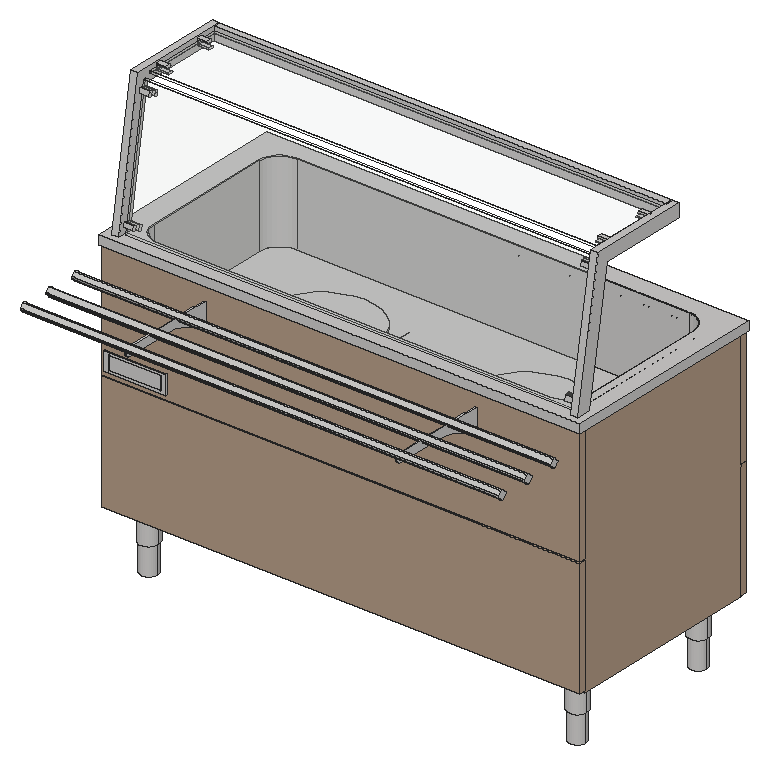
Revit family "QF_ELECTROLUXPROFESSIONAL_322083_F03H4AF01W", category Specialty Equipment, Revit 2018 (continued)
Dimensions and locks
  aligned and locked: Extrusion 14 sketch curve to plane 32
  aligned and locked: plane 33 to Extrusion 14 sketch curve
  aligned and locked: Extrusion 14 to Extrusion 11
  aligned and locked: Extrusion 15 to plane 34
  aligned and locked: plane 35 to Extrusion 15
  aligned and locked: Extrusion 13 sketch curve to plane 35
  aligned and locked: plane 34 to Extrusion 13 sketch curve
  aligned and locked: plane 17 to nested 3
Automatic sketch dimensions
  curve 95 to plane 7 "LEFT" = 0 mm
  curve 13 to plane 30 = 0 mm
  curve 27 to plane 33 = 0 mm
  curve 39 to plane 34 = 0 mm
  curve 18 to plane 34 = 0 mm
  curve 70 to plane 34 = 0 mm
  curve 6 to plane 34 = 0 mm
  curve 92 to plane 34 = 0 mm
  plane 1 "Centro (Fronte/Retro)" to curve 106 = 0 mm
  curve 387 to plane 8 = 0 mm
  plane 1 "Centro (Fronte/Retro)" to curve 108 = 0 mm
  curve 19 to plane 35 = 0 mm
  curve 80 to plane 35 = 0 mm
  curve 5 to plane 35 = 0 mm
  curve 49 to plane 35 = 0 mm
  curve 92 to plane 35 = 0 mm
  curve 59 to plane 32 = 0 mm
  curve 16 to plane 31 = 0 mm
  curve 95 to plane 6 "RIGHT" = 0 mm
  curve 2 to plane 4 "FRONT" = 0 mm
  plane 36 to curve 18 = 0 mm
  curve 2 to plane 3 "BACK" = 0 mm
  curve 69 to plane 34 = 1 mm
  curve 37 to curve 48 = 1 mm
  curve 41 to plane 34 = 0 mm
  curve 98 to plane 16 = 8 mm
  curve 76 to plane 16 = 5.5 mm
  curve 33 to plane 16 = 5.5 mm
  curve 73 to curve 74 = 1.989 mm
  curve 47 to plane 16 = 3.5 mm
  curve 31 to plane 16 = 3.5 mm
  curve 29 to plane 16 = 3.5 mm
  plane 16 to curve 44 = 2.062 mm
  curve 100 to plane 40 = 19 mm
  curve 97 to plane 40 = 19 mm
  plane 29 to curve 105 = 101 mm
  curve 107 to plane 28 = 101 mm
  plane 41 to curve 100 = 26 mm
  plane 41 to curve 104 = 26 mm
  curve 61 to plane 17 = 2.062 mm
  plane 17 to curve 24 = 3.5 mm
  plane 17 to curve 22 = 3.5 mm
  plane 17 to curve 65 = 3.5 mm
  plane 17 to curve 83 = 3.511 mm
  curve 54 to curve 51 = 2 mm
  curve 85 to curve 89 = 1.989 mm
  plane 17 to curve 102 = 8 mm
  plane 35 to curve 59 = 0 mm
  plane 35 to curve 57 = 1 mm
  curve 80 to curve 80 = 1 mm
  plane 10 to curve 96 = 14.757 mm
  curve 13 to plane 24 = 2.344 mm
  curve 10 to plane 24 = 2.344 mm
  plane 24 to curve 87 = 13.819 mm
  plane 24 to curve 75 = 13.819 mm
  curve 75 to curve 76 = 2.431 mm
  curve 86 to curve 84 = 2.431 mm
  curve 73 to curve 74 = 2.493 mm
  curve 84 to curve 85 = 2.493 mm
  curve 78 to curve 71 = 4.924 mm
  curve 85 to curve 85 = 2.431 mm
  curve 71 to curve 71 = 9.848 mm
  curve 82 to curve 82 = 9.848 mm
  curve 104 to plane 15 = 32 mm
  plane 15 to curve 54 = 6.122 mm
  plane 15 to curve 36 = 6.122 mm
  curve 51 to curve 52 = 2.431 mm
  curve 33 to curve 46 = 2.431 mm
  curve 52 to curve 54 = 2.493 mm
  curve 34 to curve 36 = 2.493 mm
  curve 54 to curve 64 = 2.431 mm
  curve 36 to curve 46 = 2.431 mm
  curve 66 to curve 49 = 2.954 mm
  curve 93 to curve 39 = 6.894 mm
  curve 49 to curve 57 = 6.894 mm
  curve 57 to curve 50 = 1.229 mm
  curve 62 to curve 63 = 2.617 mm
  curve 44 to curve 44 = 2.617 mm
  curve 42 to curve 42 = 1.078 mm
  curve 60 to curve 60 = 1.078 mm
  curve 59 to curve 92 = 8.954 mm
  curve 91 to curve 28 = 32.796 mm
  curve 20 to curve 26 = 32.796 mm
  curve 25 to curve 25 = 14 mm
  curve 28 to curve 27 = 14 mm
  plane 1 "Centro (Fronte/Retro)" to curve 31 = 3 mm
  plane 1 "Centro (Fronte/Retro)" to curve 23 = 3 mm
  curve 21 to plane 1 "Centro (Fronte/Retro)" = 11 mm
  curve 31 to plane 1 "Centro (Fronte/Retro)" = 11 mm
  plane 36 to curve 8 = 26.023 mm
  curve 102 to plane 14 = 29 mm
  curve 75 to curve 90 = 0.034 mm
  plane 16 to curve 45 = 0.999 mm
  curve 106 to plane 29 = 54 mm
  plane 29 to curve 386 = 82 mm
  plane 8 to curve 108 = 146 mm
  curve 388 to plane 28 = 82 mm
  curve 63 to plane 17 = 0.999 mm
  curve 81 to curve 80 = 2.431 mm
  curve 70 to curve 69 = 2.431 mm
  curve 80 to curve 79 = 4.924 mm
  curve 69 to curve 68 = 4.924 mm
  plane 15 to curve 16 = 3.892 mm
  curve 15 to curve 33 = 2.23 mm
  curve 58 to curve 56 = 2.431 mm
  curve 40 to curve 39 = 2.431 mm
  plane 36 to curve 11 = 6.023 mm
  Extrusion 1 to Extrusion 3 sketch curve = 0 mm
  Extrusion 3 sketch curve to Extrusion 1 = 0 mm
  Extrusion 3 sketch curve to Extrusion 3 sketch curve = 18 mm
  Extrusion 3 sketch curve to Extrusion 3 sketch curve = 343 mm
  Extrusion 5 sketch curve to plane 19 = 0 mm
  plane 4 "FRONT" to Extrusion 5 sketch curve = 0.321 mm
  Extrusion 5 sketch curve to plane 4 "FRONT" = 30.84 mm
  Extrusion 5 sketch curve to Extrusion 5 sketch curve = 6.66 mm
  Extrusion 5 sketch curve to Extrusion 5 sketch curve = 6.678 mm
  Extrusion 5 sketch curve to Extrusion 5 sketch curve = 2.785 mm
  Extrusion 5 sketch curve to Extrusion 5 sketch curve = 40.197 mm
  Extrusion 5 sketch curve to Extrusion 5 sketch curve = 10.145 mm
  Extrusion 5 sketch curve to Extrusion 5 sketch curve = 3.998 mm
  Extrusion 5 sketch curve to plane 22 = 39.68 mm  (x3)
  Extrusion 5 sketch curve to Extrusion 5 sketch curve = 14.142 mm  (x3)
  Extrusion 5 sketch curve to Extrusion 5 sketch curve = 28.206 mm
  Extrusion 5 sketch curve to Extrusion 5 sketch curve = 38.51 mm
  Extrusion 5 sketch curve to Extrusion 5 sketch curve = 14.143 mm
  plane 10 to Extrusion 5 sketch curve = 27.042 mm
  plane 10 to Extrusion 5 sketch curve = 15.107 mm
  Extrusion 5 sketch curve to Extrusion 5 sketch curve = 2.207 mm
  Extrusion 5 sketch curve to Extrusion 5 sketch curve = 3.528 mm  (x2)
  Extrusion 5 sketch curve to Extrusion 5 sketch curve = 2.829 mm
  plane 10 to Extrusion 5 sketch curve = 5.072 mm
  Extrusion 5 sketch curve to Extrusion 5 sketch curve = 1.62 mm
  Extrusion 5 sketch curve to Extrusion 5 sketch curve = 6.314 mm
  Extrusion 5 sketch curve to Extrusion 5 sketch curve = 6.653 mm
  Extrusion 5 sketch curve to Extrusion 5 sketch curve = 1.175 mm
  Extrusion 5 sketch curve to Extrusion 5 sketch curve = 3.858 mm
  Extrusion 5 sketch curve to Extrusion 5 sketch curve = 3.543 mm
  Extrusion 5 sketch curve to Extrusion 5 sketch curve = 23 mm
  Extrusion 5 sketch curve to Extrusion 5 sketch curve = 17.187 mm
  Extrusion 5 sketch curve to Extrusion 5 sketch curve = 34.499 mm
  Extrusion 5 sketch curve to Extrusion 5 sketch curve = 15.2 mm
  Extrusion 5 sketch curve to Extrusion 5 sketch curve = 0 mm
  Extrusion 6 sketch curve to plane 40 = 16.75 mm  (x2)
  plane 41 to Extrusion 6 sketch curve = 23.574 mm
  plane 41 to Extrusion 6 sketch curve = 23.376 mm
  plane 41 to Extrusion 6 sketch curve = 23.013 mm
  plane 41 to Extrusion 6 sketch curve = 21.449 mm
  plane 17 to Extrusion 6 sketch curve = 10.587 mm
  plane 24 to Extrusion 6 sketch curve = 31.5 mm
  plane 24 to Extrusion 6 sketch curve = 31.791 mm
  plane 15 to Extrusion 6 sketch curve = 27.5 mm
  Extrusion 6 sketch curve to plane 14 = 27.555 mm
  Extrusion 6 sketch curve to plane 14 = 27.5 mm
  Extrusion 6 sketch curve to plane 23 = 31.5 mm
  Extrusion 6 sketch curve to Extrusion 6 sketch curve = 0.033 mm
  Extrusion 6 sketch curve to Extrusion 6 sketch curve = 0 mm  (x2)
  Extrusion 7 sketch curve to plane 23 = 0 mm
  Extrusion 7 sketch curve to plane 21 = 0 mm
  Extrusion 7 sketch curve to plane 25 = 0 mm
  Extrusion 7 sketch curve to plane 26 = 0 mm
  Extrusion 8 sketch curve to plane 23 = 0 mm
  Extrusion 8 sketch curve to plane 21 = 0 mm
  Extrusion 8 sketch curve to plane 25 = 0 mm
  Extrusion 8 sketch curve to plane 26 = 0 mm
  Extrusion 9 sketch curve to plane 19 = 0 mm
  plane 4 "FRONT" to Extrusion 9 sketch curve = 0.321 mm
  Extrusion 9 sketch curve to plane 4 "FRONT" = 30.84 mm
  Extrusion 9 sketch curve to Extrusion 9 sketch curve = 6.66 mm
  Extrusion 9 sketch curve to Extrusion 9 sketch curve = 6.678 mm
  Extrusion 9 sketch curve to Extrusion 9 sketch curve = 2.785 mm
  Extrusion 9 sketch curve to Extrusion 9 sketch curve = 40.197 mm
  Extrusion 9 sketch curve to Extrusion 9 sketch curve = 10.145 mm
  Extrusion 9 sketch curve to Extrusion 9 sketch curve = 3.998 mm
  Extrusion 9 sketch curve to plane 22 = 39.68 mm  (x3)
  Extrusion 9 sketch curve to Extrusion 9 sketch curve = 14.142 mm  (x3)
  Extrusion 9 sketch curve to Extrusion 9 sketch curve = 28.206 mm
  Extrusion 9 sketch curve to Extrusion 9 sketch curve = 38.51 mm
  Extrusion 9 sketch curve to Extrusion 9 sketch curve = 14.143 mm
  plane 10 to Extrusion 9 sketch curve = 27.042 mm
  plane 10 to Extrusion 9 sketch curve = 15.107 mm
  Extrusion 9 sketch curve to Extrusion 9 sketch curve = 2.207 mm
  Extrusion 9 sketch curve to Extrusion 9 sketch curve = 3.528 mm  (x2)
  Extrusion 9 sketch curve to Extrusion 9 sketch curve = 2.829 mm
  plane 10 to Extrusion 9 sketch curve = 5.072 mm
  Extrusion 9 sketch curve to Extrusion 9 sketch curve = 1.62 mm
  Extrusion 9 sketch curve to Extrusion 9 sketch curve = 6.314 mm
  Extrusion 9 sketch curve to Extrusion 9 sketch curve = 6.653 mm
  Extrusion 9 sketch curve to Extrusion 9 sketch curve = 1.175 mm
  Extrusion 9 sketch curve to Extrusion 9 sketch curve = 3.858 mm
  Extrusion 9 sketch curve to Extrusion 9 sketch curve = 3.543 mm
  Extrusion 9 sketch curve to Extrusion 9 sketch curve = 23 mm
  Extrusion 9 sketch curve to Extrusion 9 sketch curve = 17.187 mm
  Extrusion 9 sketch curve to Extrusion 9 sketch curve = 34.499 mm
  Extrusion 9 sketch curve to Extrusion 9 sketch curve = 15.2 mm
  Extrusion 9 sketch curve to Extrusion 9 sketch curve = 0 mm
  Extrusion 1 to Extrusion 10 sketch curve = 39.68 mm
  Extrusion 10 sketch curve to Extrusion 1 = 103.958 mm
  Extrusion 10 sketch curve to Extrusion 10 sketch curve = 9.899 mm  (x7)
  Extrusion 1 to Extrusion 10 sketch curve = 27.657 mm
  Extrusion 10 sketch curve to Extrusion 10 sketch curve = 2.118 mm  (x3)
  Extrusion 1 to Extrusion 10 sketch curve = 37.562 mm
  Extrusion 10 sketch curve to Extrusion 10 sketch curve = 2.124 mm  (x2)
  Extrusion 1 to Extrusion 10 sketch curve = 37.563 mm
  Extrusion 10 sketch curve to Extrusion 10 sketch curve = 70.951 mm
  Extrusion 1 to Extrusion 10 sketch curve = 41.802 mm  (x6)
  Extrusion 10 sketch curve to Extrusion 10 sketch curve = 0.004 mm
  Extrusion 10 sketch curve to Extrusion 10 sketch curve = 2.126 mm
  Extrusion 1 to Extrusion 10 sketch curve = 27.655 mm
  Extrusion 10 sketch curve to Extrusion 10 sketch curve = 9.908 mm
  Extrusion 10 sketch curve to Extrusion 10 sketch curve = 2.117 mm
  Extrusion 10 sketch curve to Extrusion 10 sketch curve = 9.9 mm  (x3)
  Extrusion 1 to Extrusion 10 sketch curve = 27.66 mm  (x3)
  Extrusion 10 sketch curve to Extrusion 10 sketch curve = 2.121 mm  (x16)
  Extrusion 1 to Extrusion 10 sketch curve = 37.559 mm  (x3)
  Extrusion 10 sketch curve to Extrusion 10 sketch curve = 70.958 mm
  Extrusion 10 sketch curve to Extrusion 10 sketch curve = 0 mm  (x12)
  Extrusion 1 to Extrusion 10 sketch curve = 51.701 mm  (x6)
  Extrusion 1 to Extrusion 10 sketch curve = 27.663 mm
  Extrusion 10 sketch curve to Extrusion 10 sketch curve = 2.125 mm
  Extrusion 1 to Extrusion 10 sketch curve = 37.555 mm
  Extrusion 1 to Extrusion 11 sketch curve = 206.477 mm
  Extrusion 1 to Extrusion 11 sketch curve = 102.523 mm
  Extrusion 11 sketch curve to Extrusion 11 sketch curve = 33.631 mm
  Extrusion 1 to Extrusion 11 sketch curve = 38.273 mm
  Extrusion 11 sketch curve to Extrusion 1 = 2.344 mm
  Extrusion 11 sketch curve to Extrusion 1 = 430 mm
  Extrusion 11 sketch curve to Extrusion 11 sketch curve = 39.621 mm
  Extrusion 11 sketch curve to Extrusion 1 = 26 mm
  Extrusion 12 sketch curve to plane 12 = 0 mm
  Extrusion 12 sketch curve to plane 5 = 0 mm
  plane 36 to Extrusion 12 sketch curve = 26.023 mm
  plane 15 to Extrusion 12 sketch curve = 37.523 mm
  plane 15 to Extrusion 12 sketch curve = 3.892 mm
  Extrusion 12 sketch curve to plane 15 = 26.727 mm
  Extrusion 12 sketch curve to plane 24 = 2.344 mm
  Extrusion 12 sketch curve to plane 12 = 39.621 mm
  Extrusion 13 sketch curve to plane 12 = 15.121 mm
  Extrusion 13 sketch curve to plane 12 = 7.121 mm
  plane 36 to Extrusion 14 sketch curve = 6.023 mm
  Extrusion 14 sketch curve to Extrusion 14 sketch curve = 20 mm
  Extrusion 15 sketch curve to plane 5 = 0 mm
  plane 15 to Extrusion 15 sketch curve = 24.555 mm
  Extrusion 15 sketch curve to Extrusion 15 sketch curve = 8.123 mm  (x2)
  plane 24 to Extrusion 15 sketch curve = 22.026 mm
  Extrusion 15 sketch curve to plane 12 = 21.026 mm
  Extrusion 16 sketch curve to plane 23 = 0 mm
  Extrusion 16 sketch curve to plane 21 = 0 mm
  Extrusion 16 sketch curve to plane 25 = 0 mm
  Extrusion 16 sketch curve to plane 26 = 0 mm
  Extrusion 17 sketch curve to plane 33 = 0 mm
  plane 34 to Extrusion 17 sketch curve = 0.125 mm
  Extrusion 17 sketch curve to plane 12 = 22.121 mm
  Extrusion 17 sketch curve to Extrusion 17 sketch curve = 1.095 mm
  plane 16 to Extrusion 17 sketch curve = 0.625 mm
  Extrusion 17 sketch curve to Extrusion 17 sketch curve = 3.905 mm
  Extrusion 17 sketch curve to plane 34 = 0.875 mm
  Extrusion 17 sketch curve to plane 12 = 7.121 mm
  Extrusion 17 sketch curve to plane 12 = 2.121 mm
  plane 16 to Extrusion 17 sketch curve = 2.187 mm
  Extrusion 17 sketch curve to plane 16 = 3.375 mm
  Extrusion 17 sketch curve to plane 16 = 5.375 mm
  Extrusion 18 sketch curve to plane 33 = 0 mm
  plane 34 to Extrusion 18 sketch curve = 0.125 mm
  Extrusion 18 sketch curve to plane 12 = 22.121 mm
  Extrusion 18 sketch curve to Extrusion 18 sketch curve = 1.095 mm
  plane 16 to Extrusion 18 sketch curve = 0.625 mm
  Extrusion 18 sketch curve to Extrusion 18 sketch curve = 3.905 mm
  Extrusion 18 sketch curve to plane 34 = 0.875 mm
  Extrusion 18 sketch curve to plane 12 = 7.121 mm
  Extrusion 18 sketch curve to plane 12 = 2.121 mm
  plane 16 to Extrusion 18 sketch curve = 2.187 mm
  Extrusion 18 sketch curve to plane 16 = 3.375 mm
  Extrusion 18 sketch curve to plane 16 = 5.375 mm
  Extrusion 19 sketch curve to plane 32 = 0 mm
  Extrusion 19 sketch curve to plane 35 = 0.125 mm
  Extrusion 19 sketch curve to plane 12 = 22.121 mm
  Extrusion 19 sketch curve to Extrusion 19 sketch curve = 1.095 mm
  Extrusion 19 sketch curve to plane 17 = 0.625 mm
  Extrusion 19 sketch curve to Extrusion 19 sketch curve = 3.905 mm
  plane 35 to Extrusion 19 sketch curve = 0.875 mm
  Extrusion 19 sketch curve to plane 12 = 7.121 mm
  Extrusion 19 sketch curve to plane 12 = 2.121 mm
  plane 17 to Extrusion 19 sketch curve = 5.375 mm
  plane 17 to Extrusion 19 sketch curve = 3.375 mm
  Extrusion 19 sketch curve to plane 17 = 2.187 mm
  Extrusion 20 sketch curve to plane 32 = 0 mm
  Extrusion 20 sketch curve to plane 35 = 0.125 mm
  Extrusion 20 sketch curve to plane 12 = 22.121 mm
  Extrusion 20 sketch curve to Extrusion 20 sketch curve = 1.095 mm
  Extrusion 20 sketch curve to plane 17 = 0.625 mm
  Extrusion 20 sketch curve to Extrusion 20 sketch curve = 3.905 mm
  plane 35 to Extrusion 20 sketch curve = 0.875 mm
  Extrusion 20 sketch curve to plane 12 = 7.121 mm
  Extrusion 20 sketch curve to plane 12 = 2.121 mm
  plane 17 to Extrusion 20 sketch curve = 5.375 mm
  plane 17 to Extrusion 20 sketch curve = 3.375 mm
  Extrusion 20 sketch curve to plane 17 = 2.187 mm
  Extrusion 21 sketch curve to plane 35 = 0.125 mm
  Extrusion 21 sketch curve to Extrusion 21 sketch curve = 1.095 mm
  Extrusion 21 sketch curve to plane 17 = 0.625 mm
  Extrusion 21 sketch curve to Extrusion 21 sketch curve = 3.905 mm
  plane 35 to Extrusion 21 sketch curve = 0.875 mm
  Extrusion 21 sketch curve to Extrusion 21 sketch curve = 10 mm
  Extrusion 21 sketch curve to Extrusion 21 sketch curve = 5 mm
  plane 32 to Extrusion 21 sketch curve = 0 mm
  plane 17 to Extrusion 21 sketch curve = 5.375 mm
  plane 17 to Extrusion 21 sketch curve = 3.375 mm
  Extrusion 21 sketch curve to plane 17 = 2.187 mm
  plane 34 to Extrusion 22 sketch curve = 0.125 mm
  Extrusion 22 sketch curve to Extrusion 22 sketch curve = 1.095 mm
  plane 16 to Extrusion 22 sketch curve = 0.625 mm
  Extrusion 22 sketch curve to Extrusion 22 sketch curve = 3.905 mm
  Extrusion 22 sketch curve to plane 34 = 0.875 mm
  Extrusion 22 sketch curve to Extrusion 22 sketch curve = 10 mm
  Extrusion 22 sketch curve to Extrusion 22 sketch curve = 5 mm
  plane 16 to Extrusion 22 sketch curve = 2.187 mm
  Extrusion 22 sketch curve to plane 16 = 3.375 mm
  Extrusion 22 sketch curve to plane 16 = 5.375 mm
  Extrusion 22 sketch curve to plane 33 = 0 mm
  Extrusion 23 sketch curve to plane 35 = 0.125 mm
  Extrusion 23 sketch curve to Extrusion 23 sketch curve = 1.095 mm
  Extrusion 23 sketch curve to plane 17 = 0.625 mm
  Extrusion 23 sketch curve to Extrusion 23 sketch curve = 3.905 mm
  plane 35 to Extrusion 23 sketch curve = 0.875 mm
  Extrusion 23 sketch curve to Extrusion 23 sketch curve = 10 mm
  Extrusion 23 sketch curve to Extrusion 23 sketch curve = 5 mm
  plane 32 to Extrusion 23 sketch curve = 0 mm
  plane 17 to Extrusion 23 sketch curve = 5.375 mm
  plane 17 to Extrusion 23 sketch curve = 3.375 mm
  Extrusion 23 sketch curve to plane 17 = 2.187 mm
  plane 34 to Extrusion 24 sketch curve = 0.125 mm
  Extrusion 24 sketch curve to Extrusion 24 sketch curve = 1.095 mm
  plane 16 to Extrusion 24 sketch curve = 0.625 mm
  Extrusion 24 sketch curve to Extrusion 24 sketch curve = 3.905 mm
  Extrusion 24 sketch curve to plane 34 = 0.875 mm
  Extrusion 24 sketch curve to Extrusion 24 sketch curve = 10 mm
  Extrusion 24 sketch curve to Extrusion 24 sketch curve = 5 mm
  plane 16 to Extrusion 24 sketch curve = 2.187 mm
  Extrusion 24 sketch curve to plane 16 = 3.375 mm
  Extrusion 24 sketch curve to plane 16 = 5.375 mm
  Extrusion 24 sketch curve to plane 33 = 0 mm
  Extrusion 25 sketch curve to plane 23 = 0 mm
  Extrusion 25 sketch curve to plane 21 = 0 mm
  Extrusion 25 sketch curve to plane 25 = 0 mm
  Extrusion 25 sketch curve to plane 26 = 0 mm
  Extrusion 26 sketch curve to plane 8 = 0 mm
  Extrusion 26 sketch curve to plane 21 = 0 mm
  plane 9 to Extrusion 26 sketch curve = 7.75 mm
  plane 8 to Extrusion 26 sketch curve = 72.521 mm
  Extrusion 26 sketch curve to plane 3 "BACK" = 1.815 mm
  plane 16 to Extrusion 27 sketch curve = 11 mm
  plane 36 to Extrusion 27 sketch curve = 5.5 mm
  curve 109 to curve 110 = 0 mm  (x2)
  curve 111 to curve 112 = 0 mm  (x2)
  curve 113 to curve 114 = 0 mm  (x2)
  curve 115 to curve 116 = 0 mm  (x2)
  curve 117 to curve 118 = 0 mm  (x2)
  curve 119 to curve 120 = 0 mm  (x2)
  curve 121 to curve 122 = 0 mm  (x2)
  curve 123 to curve 124 = 0 mm  (x2)
  curve 125 to curve 126 = 0 mm  (x2)
  curve 127 to curve 128 = 0 mm  (x2)
  curve 129 to curve 130 = 0 mm  (x2)
  curve 131 to curve 132 = 0 mm  (x2)
  curve 133 to curve 134 = 0 mm  (x2)
  curve 135 to curve 136 = 0 mm  (x2)
  curve 137 to curve 138 = 0 mm  (x2)
  curve 139 to curve 140 = 0 mm  (x2)
  curve 141 to curve 142 = 0 mm  (x2)
  curve 143 to curve 144 = 0 mm  (x2)
  curve 145 to curve 146 = 0 mm  (x2)
  curve 147 to curve 148 = 0 mm  (x2)
  curve 149 to curve 150 = 0 mm  (x2)
  curve 151 to curve 152 = 0 mm  (x2)
  curve 153 to curve 154 = 0 mm  (x2)
  curve 155 to curve 156 = 0 mm  (x2)
  curve 157 to curve 158 = 0 mm  (x2)
  curve 159 to curve 160 = 0 mm  (x2)
  curve 161 to curve 162 = 0 mm  (x2)
  curve 163 to curve 164 = 0 mm  (x2)
  curve 165 to curve 166 = 0 mm  (x2)
  curve 167 to curve 168 = 0 mm  (x2)
  curve 169 to curve 170 = 0 mm  (x2)
  curve 171 to curve 172 = 0 mm  (x2)
  curve 173 to curve 174 = 0 mm  (x2)
  curve 175 to curve 176 = 0 mm  (x2)
  curve 177 to curve 178 = 0 mm  (x2)
  curve 179 to curve 180 = 0 mm  (x2)
  curve 181 to curve 182 = 0 mm  (x2)
  curve 183 to curve 184 = 0 mm  (x2)
  curve 185 to curve 186 = 0 mm  (x2)
  curve 187 to curve 188 = 0 mm  (x2)
  curve 189 to curve 190 = 0 mm  (x2)
  curve 191 to curve 192 = 0 mm  (x2)
  curve 193 to curve 194 = 0 mm  (x2)
  curve 195 to curve 196 = 0 mm  (x2)
  curve 197 to curve 198 = 0 mm  (x2)
  curve 199 to curve 200 = 0 mm  (x2)
  curve 201 to curve 202 = 0 mm  (x2)
  curve 203 to curve 204 = 0 mm  (x2)
  curve 205 to curve 206 = 0 mm  (x2)
  curve 207 to curve 208 = 0 mm  (x2)
  curve 209 to curve 210 = 0 mm  (x2)
  curve 211 to curve 212 = 0 mm  (x2)
  curve 213 to curve 214 = 0 mm  (x2)
  curve 215 to curve 216 = 0 mm  (x2)
  curve 217 to curve 218 = 0 mm  (x2)
  curve 219 to curve 220 = 0 mm  (x2)
  curve 221 to curve 222 = 0 mm  (x2)
  curve 223 to curve 224 = 0 mm  (x2)
  curve 225 to curve 226 = 0 mm  (x2)
  curve 227 to curve 228 = 0 mm  (x2)
  curve 229 to curve 230 = 0 mm  (x2)
  curve 231 to curve 232 = 0 mm  (x2)
  curve 233 to curve 234 = 0 mm  (x2)
  curve 235 to curve 236 = 0 mm  (x2)
  curve 237 to curve 238 = 0 mm  (x2)
  curve 239 to curve 240 = 0 mm  (x2)
  curve 241 to curve 242 = 0 mm  (x2)
  curve 243 to curve 244 = 0 mm  (x2)
  curve 245 to curve 246 = 0 mm  (x2)
  curve 247 to curve 248 = 0 mm  (x2)
  curve 249 to curve 250 = 0 mm  (x2)
  curve 251 to curve 252 = 0 mm  (x2)
  curve 253 to curve 254 = 0 mm  (x2)
  curve 255 to curve 256 = 0 mm  (x2)
  curve 257 to curve 258 = 0 mm  (x2)
  curve 259 to curve 260 = 0 mm  (x2)
  curve 261 to curve 262 = 0 mm  (x2)
  curve 263 to curve 264 = 0 mm  (x2)
  curve 265 to curve 266 = 0 mm  (x2)
  curve 267 to curve 268 = 0 mm  (x2)
  curve 269 to curve 270 = 0 mm  (x2)
  curve 271 to curve 272 = 0 mm  (x2)
  curve 273 to curve 274 = 0 mm  (x2)
  curve 275 to curve 276 = 0 mm  (x2)
  curve 277 to curve 278 = 0 mm  (x2)
  curve 279 to curve 280 = 0 mm  (x2)
  curve 281 to curve 282 = 0 mm  (x2)
  curve 283 to curve 284 = 0 mm  (x2)
  curve 285 to curve 286 = 0 mm  (x2)
  curve 287 to curve 288 = 0 mm  (x2)
  curve 289 to curve 290 = 0 mm  (x2)
  curve 291 to curve 292 = 0 mm  (x2)
  curve 293 to curve 294 = 0 mm  (x2)
  curve 295 to curve 296 = 0 mm  (x2)
  curve 297 to curve 298 = 0 mm  (x2)
  curve 299 to curve 300 = 0 mm  (x2)
  curve 301 to curve 302 = 0 mm  (x2)
  curve 303 to curve 304 = 0 mm  (x2)
  curve 305 to curve 306 = 0 mm  (x2)
  curve 307 to curve 308 = 0 mm  (x2)
  curve 309 to curve 310 = 0 mm  (x2)
  curve 311 to curve 312 = 0 mm  (x2)
  curve 313 to curve 314 = 0 mm  (x2)
  curve 315 to curve 316 = 0 mm  (x2)
  curve 317 to curve 318 = 0 mm  (x2)
  curve 319 to curve 320 = 0 mm  (x2)
  curve 321 to curve 322 = 0 mm  (x2)
  curve 323 to curve 324 = 0 mm  (x2)
  curve 325 to curve 326 = 0 mm  (x2)
  curve 327 to curve 328 = 0 mm  (x2)
  curve 329 to curve 330 = 0 mm  (x2)
  curve 331 to curve 332 = 0 mm  (x2)
  curve 333 to curve 334 = 0 mm  (x2)
  curve 335 to curve 336 = 0 mm  (x2)
  curve 337 to curve 338 = 0 mm  (x2)
  curve 339 to curve 340 = 0 mm  (x2)
  curve 341 to curve 342 = 0 mm  (x2)
  curve 343 to curve 344 = 0 mm  (x2)
  curve 345 to curve 346 = 0 mm  (x2)
  curve 347 to curve 348 = 0 mm  (x2)
  curve 349 to curve 350 = 0 mm  (x2)
  curve 351 to curve 352 = 0 mm  (x2)
  curve 353 to curve 354 = 0 mm  (x2)
  curve 355 to curve 356 = 0 mm  (x2)
  curve 357 to curve 358 = 0 mm  (x2)
  curve 359 to curve 360 = 0 mm  (x2)
  curve 361 to curve 362 = 0 mm  (x2)
  curve 363 to curve 364 = 0 mm  (x2)
  curve 365 to curve 366 = 0 mm  (x2)
  curve 367 to curve 368 = 0 mm  (x2)
  curve 369 to curve 370 = 0 mm  (x2)
  curve 371 to curve 372 = 0 mm  (x2)
  curve 373 to curve 374 = 0 mm  (x2)
  curve 375 to curve 376 = 0 mm  (x2)
  curve 377 to curve 378 = 0 mm  (x2)
  curve 379 to curve 380 = 0 mm  (x2)
  curve 381 to curve 382 = 0 mm  (x2)
  curve 383 to curve 384 = 0 mm  (x2)
  plane 1 "Centro (Fronte/Retro)" to curve 288 = 0 mm
  plane 1 "Centro (Fronte/Retro)" to curve 285 = 0 mm
  plane 1 "Centro (Fronte/Retro)" to curve 283 = 0 mm
  plane 1 "Centro (Fronte/Retro)" to curve 248 = 0 mm
  plane 1 "Centro (Fronte/Retro)" to curve 351 = 0 mm
  plane 1 "Centro (Fronte/Retro)" to curve 354 = 0 mm
  plane 1 "Centro (Fronte/Retro)" to curve 355 = 0 mm
  plane 1 "Centro (Fronte/Retro)" to curve 149 = 0 mm
  plane 1 "Centro (Fronte/Retro)" to curve 147 = 0 mm
  plane 1 "Centro (Fronte/Retro)" to curve 145 = 0 mm
  plane 1 "Centro (Fronte/Retro)" to curve 110 = 0 mm
  plane 1 "Centro (Fronte/Retro)" to curve 213 = 0 mm
  plane 1 "Centro (Fronte/Retro)" to curve 215 = 0 mm
  plane 1 "Centro (Fronte/Retro)" to curve 217 = 0 mm
  curve 288 to plane 28 = 40.394 mm
  curve 287 to curve 269 = 0.679 mm
  curve 287 to curve 303 = 0.679 mm
  curve 303 to curve 306 = 4.368 mm
  curve 269 to curve 272 = 4.368 mm
  plane 38 to curve 273 = 3.706 mm
  curve 271 to curve 273 = 7.5 mm
  curve 308 to plane 39 = 3.706 mm
  curve 305 to curve 308 = 7.5 mm
  curve 287 to curve 285 = 20 mm
  curve 285 to curve 277 = 0.055 mm
  curve 285 to curve 312 = 0.055 mm
  plane 39 to curve 309 = 4.105 mm
  curve 307 to curve 309 = 9.168 mm
  curve 275 to plane 38 = 4.105 mm
  curve 273 to curve 275 = 9.168 mm
  curve 311 to curve 313 = 3.411 mm
  curve 277 to curve 280 = 3.411 mm
  curve 313 to curve 298 = 8.25 mm
  curve 279 to curve 263 = 8.25 mm
  plane 37 to curve 267 = 0.547 mm
  curve 275 to curve 267 = 10.401 mm
  curve 302 to plane 36 = 0.547 mm
  curve 309 to curve 302 = 10.401 mm
  curve 299 to plane 39 = 4.966 mm
  curve 297 to curve 299 = 8.196 mm
  plane 38 to curve 266 = 4.966 mm
  curve 263 to curve 266 = 8.196 mm
  curve 285 to curve 284 = 20 mm
  curve 283 to curve 315 = 1.522 mm
  curve 283 to curve 281 = 1.522 mm
  curve 315 to curve 296 = 4.335 mm
  curve 281 to curve 262 = 4.335 mm
  plane 36 to curve 289 = 3.821 mm
  curve 301 to curve 289 = 13.754 mm
  curve 255 to plane 37 = 3.821 mm
  curve 267 to curve 255 = 13.754 mm
  plane 38 to curve 258 = 1.555 mm
  curve 265 to curve 258 = 9.668 mm
  curve 292 to plane 39 = 1.555 mm
  curve 299 to curve 292 = 9.668 mm
  curve 261 to curve 259 = 6.488 mm
  curve 295 to curve 294 = 6.488 mm
  curve 293 to curve 247 = 7.654 mm
  curve 253 to plane 37 = 4.5 mm
  curve 255 to curve 253 = 14.129 mm
  plane 36 to curve 322 = 4.5 mm
  curve 289 to curve 322 = 14.129 mm
  plane 38 to curve 252 = 1.5 mm
  curve 257 to curve 252 = 10.42 mm
  curve 320 to plane 39 = 1.5 mm
  curve 291 to curve 320 = 10.42 mm
  curve 259 to curve 250 = 7.654 mm
  curve 293 to curve 317 = 7.654 mm
  curve 249 to curve 327 = 7.654 mm
  curve 317 to curve 361 = 7.654 mm
  curve 360 to plane 39 = 1.555 mm
  curve 319 to curve 360 = 10.42 mm
  plane 38 to curve 326 = 1.555 mm
  curve 251 to curve 326 = 10.42 mm
  curve 324 to plane 37 = 3.821 mm
  curve 253 to curve 324 = 14.129 mm
  plane 36 to curve 358 = 3.821 mm
  curve 321 to curve 358 = 14.129 mm
  curve 361 to curve 363 = 6.488 mm
  curve 327 to curve 329 = 6.488 mm
  curve 363 to curve 383 = 4.335 mm
  curve 329 to curve 349 = 4.335 mm
  curve 349 to curve 351 = 1.522 mm
  curve 368 to plane 39 = 4.966 mm
  curve 359 to curve 368 = 9.668 mm
  plane 38 to curve 333 = 4.966 mm
  curve 325 to curve 333 = 9.668 mm
  curve 370 to plane 36 = 0.547 mm
  curve 357 to curve 370 = 13.754 mm
  plane 37 to curve 336 = 0.547 mm
  curve 323 to curve 336 = 13.754 mm
  curve 333 to curve 332 = 8.196 mm
  curve 367 to curve 365 = 8.196 mm
  curve 331 to curve 347 = 8.25 mm
  curve 365 to curve 382 = 8.25 mm
  curve 344 to plane 38 = 4.105 mm
  curve 335 to curve 344 = 10.401 mm
  plane 39 to curve 378 = 4.105 mm
  curve 369 to curve 378 = 10.401 mm
  curve 347 to curve 346 = 3.411 mm
  curve 381 to curve 379 = 3.411 mm
  curve 345 to curve 354 = 0.055 mm
  plane 38 to curve 341 = 3.706 mm
  curve 343 to curve 341 = 9.168 mm
  curve 376 to plane 39 = 3.706 mm
  curve 377 to curve 376 = 9.168 mm
  curve 341 to curve 339 = 7.5 mm
  curve 375 to curve 373 = 7.5 mm
  curve 339 to curve 337 = 4.368 mm
  curve 373 to curve 372 = 4.368 mm
  curve 337 to curve 355 = 0.679 mm
  plane 29 to curve 149 = 161.606 mm
  curve 149 to curve 165 = 0.679 mm
  curve 149 to curve 131 = 0.679 mm
  curve 131 to curve 133 = 4.368 mm
  curve 165 to curve 168 = 4.368 mm
  plane 38 to curve 136 = 3.706 mm
  curve 133 to curve 136 = 7.5 mm
  curve 169 to plane 39 = 3.706 mm
  curve 167 to curve 169 = 7.5 mm
  curve 149 to curve 147 = 20 mm
  curve 147 to curve 140 = 0.055 mm
  curve 147 to curve 173 = 0.055 mm
  plane 39 to curve 171 = 4.105 mm
  curve 169 to curve 171 = 9.168 mm
  curve 137 to plane 38 = 4.105 mm
  curve 135 to curve 137 = 9.168 mm
  curve 173 to curve 175 = 3.411 mm
  curve 139 to curve 142 = 3.411 mm
  curve 141 to curve 125 = 8.25 mm
  curve 175 to curve 159 = 8.25 mm
  plane 37 to curve 129 = 0.547 mm
  curve 137 to curve 129 = 10.401 mm
  curve 163 to plane 36 = 0.547 mm
  curve 171 to curve 163 = 10.401 mm
  curve 162 to plane 39 = 4.966 mm
  curve 159 to curve 162 = 8.196 mm
  plane 38 to curve 127 = 4.966 mm
  curve 125 to curve 127 = 8.196 mm
  curve 147 to curve 146 = 20 mm
  curve 145 to curve 178 = 1.522 mm
  curve 145 to curve 144 = 1.522 mm
  curve 177 to curve 157 = 4.335 mm
  curve 143 to curve 123 = 4.335 mm
  plane 36 to curve 152 = 3.821 mm
  curve 163 to curve 152 = 13.754 mm
  curve 117 to plane 37 = 3.821 mm
  curve 129 to curve 117 = 13.754 mm
  curve 154 to plane 39 = 1.555 mm
  curve 161 to curve 154 = 9.668 mm
  plane 38 to curve 120 = 1.555 mm
  curve 127 to curve 120 = 9.668 mm
  curve 157 to curve 156 = 6.488 mm
  curve 123 to curve 121 = 6.488 mm
  plane 36 to curve 183 = 4.5 mm
  curve 151 to curve 183 = 14.129 mm
  curve 115 to plane 37 = 4.5 mm
  curve 117 to curve 115 = 14.129 mm
  curve 155 to curve 109 = 7.654 mm
  plane 38 to curve 114 = 1.5 mm
  curve 119 to curve 114 = 10.42 mm
  curve 155 to curve 180 = 7.654 mm
  curve 181 to plane 39 = 1.5 mm
  curve 153 to curve 181 = 10.42 mm
  curve 121 to curve 112 = 7.654 mm
  curve 111 to curve 189 = 7.654 mm
  curve 179 to curve 223 = 7.654 mm
  curve 222 to plane 39 = 1.555 mm
  curve 181 to curve 222 = 10.42 mm
  plane 38 to curve 187 = 1.555 mm
  curve 113 to curve 187 = 10.42 mm
  plane 36 to curve 220 = 3.821 mm
  curve 183 to curve 220 = 14.129 mm
  curve 186 to plane 37 = 3.821 mm
  curve 115 to curve 186 = 14.129 mm
  curve 223 to curve 225 = 6.488 mm
  curve 189 to curve 192 = 6.488 mm
  curve 191 to curve 212 = 4.335 mm
  curve 225 to curve 246 = 4.335 mm
  curve 211 to curve 213 = 1.522 mm
  curve 230 to plane 39 = 4.966 mm
  curve 221 to curve 230 = 9.668 mm
  plane 38 to curve 195 = 4.966 mm
  curve 187 to curve 195 = 9.668 mm
  plane 37 to curve 197 = 0.547 mm
  curve 185 to curve 197 = 13.754 mm
  curve 231 to plane 36 = 0.547 mm
  curve 219 to curve 231 = 13.754 mm
  curve 229 to curve 227 = 8.196 mm
  curve 195 to curve 194 = 8.196 mm
  curve 193 to curve 210 = 8.25 mm
  curve 227 to curve 244 = 8.25 mm
  curve 205 to plane 38 = 4.105 mm
  curve 197 to curve 205 = 10.401 mm
  plane 39 to curve 239 = 4.105 mm
  curve 231 to curve 239 = 10.401 mm
  curve 243 to curve 241 = 3.411 mm
  curve 209 to curve 207 = 3.411 mm
  curve 207 to curve 215 = 0.055 mm
  curve 238 to plane 39 = 3.706 mm
  curve 239 to curve 238 = 9.168 mm
  plane 38 to curve 204 = 3.706 mm
  curve 205 to curve 204 = 9.168 mm
  curve 237 to curve 236 = 7.5 mm
  curve 203 to curve 201 = 7.5 mm
  curve 235 to curve 233 = 4.368 mm
  curve 201 to curve 199 = 4.368 mm
  curve 199 to curve 218 = 0.679 mm
  curve 299 to curve 297 = 8.25 mm
  curve 367 to curve 366 = 8.25 mm
  curve 161 to curve 160 = 8.25 mm
  curve 229 to curve 228 = 8.25 mm
  curve 237 to curve 235 = 9.91 mm
  curve 169 to curve 168 = 9.91 mm
  curve 307 to curve 305 = 9.91 mm
  curve 375 to curve 373 = 9.91 mm
  curve 227 to curve 244 = 8.196 mm
  curve 298 to curve 313 = 8.196 mm
  curve 160 to curve 175 = 8.196 mm
  curve 365 to curve 381 = 8.196 mm
  curve 318 to plane 1 "Centro (Fronte/Retro)" = 20 mm
  curve 179 to plane 1 "Centro (Fronte/Retro)" = 20 mm
  curve 318 to curve 362 = 1.522 mm
  curve 180 to curve 224 = 1.522 mm
  curve 179 to curve 155 = 1.522 mm
  curve 317 to curve 294 = 1.522 mm
  curve 361 to curve 363 = 4.335 mm
  curve 156 to curve 157 = 4.335 mm
  curve 294 to curve 295 = 4.335 mm
  curve 223 to curve 225 = 4.335 mm
  curve 168 to curve 166 = 13.754 mm
  curve 373 to curve 372 = 13.754 mm
  curve 235 to curve 233 = 13.754 mm
  curve 306 to curve 303 = 13.754 mm
  curve 243 to curve 242 = 9.668 mm
  curve 176 to curve 173 = 9.668 mm
  curve 381 to curve 379 = 9.668 mm
  curve 314 to curve 311 = 9.668 mm
  curve 363 to curve 384 = 6.488 mm
  curve 295 to curve 315 = 6.488 mm
  curve 157 to curve 177 = 6.488 mm
  curve 225 to curve 245 = 6.488 mm
  plane 1 "Centro (Fronte/Retro)" to curve 143 = 7.654 mm
  plane 1 "Centro (Fronte/Retro)" to curve 350 = 7.654 mm
  plane 1 "Centro (Fronte/Retro)" to curve 211 = 7.654 mm
  plane 1 "Centro (Fronte/Retro)" to curve 282 = 7.654 mm
  plane 1 "Centro (Fronte/Retro)" to curve 208 = 10.42 mm
  plane 1 "Centro (Fronte/Retro)" to curve 345 = 10.42 mm
  plane 1 "Centro (Fronte/Retro)" to curve 140 = 10.42 mm
  plane 1 "Centro (Fronte/Retro)" to curve 278 = 10.42 mm
  plane 1 "Centro (Fronte/Retro)" to curve 132 = 14.129 mm
  plane 1 "Centro (Fronte/Retro)" to curve 270 = 14.129 mm
  plane 1 "Centro (Fronte/Retro)" to curve 200 = 14.129 mm
  plane 1 "Centro (Fronte/Retro)" to curve 337 = 14.129 mm
  curve 143 to curve 124 = 6.488 mm
  curve 281 to curve 261 = 6.488 mm
  curve 349 to curve 330 = 6.488 mm
  curve 211 to curve 192 = 6.488 mm
  curve 191 to curve 190 = 4.335 mm
  curve 329 to curve 327 = 4.335 mm
  curve 261 to curve 260 = 4.335 mm
  curve 123 to curve 121 = 4.335 mm
  curve 189 to curve 111 = 1.522 mm
  curve 327 to curve 250 = 1.522 mm
  curve 139 to curve 142 = 9.668 mm
  curve 207 to curve 210 = 9.668 mm
  curve 277 to curve 280 = 9.668 mm
  curve 345 to curve 347 = 9.668 mm
  curve 201 to curve 203 = 9.91 mm
  curve 272 to curve 273 = 9.91 mm
  curve 340 to curve 341 = 9.91 mm
  curve 134 to curve 135 = 9.91 mm
  curve 141 to curve 125 = 8.196 mm
  curve 347 to curve 332 = 8.196 mm
  curve 279 to curve 263 = 8.196 mm
  curve 209 to curve 193 = 8.196 mm
  curve 270 to curve 269 = 3 mm
  curve 304 to curve 303 = 3 mm
  curve 287 to curve 287 = 3 mm
  curve 272 to curve 271 = 3 mm
  curve 305 to curve 305 = 3 mm
  curve 308 to curve 307 = 3 mm
  curve 273 to curve 273 = 3 mm
  curve 285 to curve 285 = 3 mm
  curve 312 to curve 311 = 3 mm
  curve 277 to curve 277 = 3 mm
  curve 309 to curve 309 = 3 mm
  curve 276 to curve 275 = 3 mm
  curve 279 to curve 279 = 3 mm
  curve 313 to curve 313 = 3 mm
  curve 298 to curve 297 = 3 mm
  curve 263 to curve 263 = 3 mm
  curve 302 to curve 301 = 3 mm
  curve 267 to curve 267 = 3 mm
  curve 265 to curve 265 = 3 mm
  curve 300 to curve 299 = 3 mm
  curve 283 to curve 283 = 3 mm
  curve 316 to curve 315 = 3 mm
  curve 282 to curve 281 = 3 mm
  curve 296 to curve 295 = 3 mm
  curve 262 to curve 261 = 3 mm
  curve 290 to curve 289 = 3 mm
  curve 255 to curve 255 = 3 mm
  curve 291 to curve 291 = 3 mm
  curve 257 to curve 257 = 3 mm
  curve 294 to curve 293 = 3 mm
  curve 259 to curve 259 = 3 mm
  curve 294 to curve 318 = 1.654 mm
  curve 259 to curve 249 = 1.654 mm
  curve 319 to curve 319 = 3 mm
  curve 252 to curve 251 = 3 mm
  curve 321 to curve 321 = 3 mm
  curve 248 to curve 247 = 3 mm
  curve 253 to curve 253 = 3 mm
  curve 249 to curve 328 = 1.654 mm
  curve 318 to curve 361 = 1.654 mm
  curve 359 to curve 359 = 3 mm
  curve 325 to curve 325 = 3 mm
  curve 324 to curve 323 = 3 mm
  curve 357 to curve 357 = 3 mm
  curve 364 to curve 363 = 3 mm
  curve 330 to curve 329 = 3 mm
  curve 383 to curve 383 = 3 mm
  curve 350 to curve 349 = 3 mm
  curve 351 to curve 351 = 3 mm
  curve 333 to curve 333 = 3 mm
  curve 367 to curve 367 = 3 mm
  curve 335 to curve 335 = 3 mm
  curve 369 to curve 369 = 3 mm
  curve 332 to curve 331 = 3 mm
  curve 365 to curve 365 = 3 mm
  curve 348 to curve 347 = 3 mm
  curve 381 to curve 381 = 3 mm
  curve 378 to curve 377 = 3 mm
  curve 343 to curve 343 = 3 mm
  curve 345 to curve 345 = 3 mm
  curve 379 to curve 379 = 3 mm
  curve 354 to curve 353 = 3 mm
  curve 341 to curve 341 = 3 mm
  curve 376 to curve 375 = 3 mm
  curve 373 to curve 373 = 3 mm
  curve 339 to curve 339 = 3 mm
  curve 371 to curve 371 = 3 mm
  curve 337 to curve 337 = 3 mm
  curve 355 to curve 355 = 3 mm
  curve 149 to curve 149 = 3 mm
  curve 132 to curve 131 = 3 mm
  curve 165 to curve 165 = 3 mm
  curve 134 to curve 133 = 3 mm
  curve 168 to curve 167 = 3 mm
  curve 170 to curve 169 = 3 mm
  curve 136 to curve 135 = 3 mm
  curve 147 to curve 147 = 3 mm
  curve 140 to curve 139 = 3 mm
  curve 173 to curve 173 = 3 mm
  curve 172 to curve 171 = 3 mm
  curve 137 to curve 137 = 3 mm
  curve 176 to curve 175 = 3 mm
  curve 141 to curve 141 = 3 mm
  curve 125 to curve 125 = 3 mm
  curve 159 to curve 159 = 3 mm
  curve 129 to curve 129 = 3 mm
  curve 164 to curve 163 = 3 mm
  curve 128 to curve 127 = 3 mm
  curve 162 to curve 161 = 3 mm
  curve 145 to curve 145 = 3 mm
  curve 144 to curve 143 = 3 mm
  curve 177 to curve 177 = 3 mm
  curve 123 to curve 123 = 3 mm
  curve 157 to curve 157 = 3 mm
  curve 152 to curve 151 = 3 mm
  curve 118 to curve 117 = 3 mm
  curve 153 to curve 153 = 3 mm
  curve 119 to curve 119 = 3 mm
  curve 122 to curve 121 = 3 mm
  curve 156 to curve 155 = 3 mm
  curve 110 to curve 109 = 3 mm
  curve 182 to curve 181 = 3 mm
  curve 183 to curve 183 = 3 mm
  curve 116 to curve 115 = 3 mm
  curve 121 to curve 111 = 1.654 mm
  curve 156 to curve 180 = 1.654 mm
  curve 113 to curve 113 = 3 mm
  curve 111 to curve 190 = 1.654 mm
  curve 180 to curve 223 = 1.654 mm
  curve 221 to curve 221 = 3 mm
  curve 188 to curve 187 = 3 mm
  curve 185 to curve 185 = 3 mm
  curve 220 to curve 219 = 3 mm
  curve 226 to curve 225 = 3 mm
  curve 192 to curve 191 = 3 mm
  curve 245 to curve 245 = 3 mm
  curve 211 to curve 211 = 3 mm
  curve 213 to curve 213 = 3 mm
  curve 229 to curve 229 = 3 mm
  curve 195 to curve 195 = 3 mm
  curve 198 to curve 197 = 3 mm
  curve 232 to curve 231 = 3 mm
  curve 228 to curve 227 = 3 mm
  curve 193 to curve 193 = 3 mm
  curve 210 to curve 209 = 3 mm
  curve 243 to curve 243 = 3 mm
  curve 240 to curve 239 = 3 mm
  curve 205 to curve 205 = 3 mm
  curve 208 to curve 207 = 3 mm
  curve 241 to curve 241 = 3 mm
  curve 215 to curve 215 = 3 mm
  curve 203 to curve 203 = 3 mm
  curve 238 to curve 237 = 3 mm
  curve 201 to curve 201 = 3 mm
  curve 236 to curve 235 = 3 mm
  curve 199 to curve 199 = 3 mm
  curve 234 to curve 233 = 3 mm
  curve 217 to curve 217 = 3 mm
  Extrusion 28 sketch curve to plane 16 = 11 mm
  plane 37 to Extrusion 28 sketch curve = 5.5 mm
  Extrusion 29 sketch curve to plane 8 = 0 mm
  Extrusion 29 sketch curve to plane 21 = 0 mm
  Extrusion 29 sketch curve to plane 9 = 7.75 mm
  plane 8 to Extrusion 29 sketch curve = 72.521 mm
  plane 3 "BACK" to Extrusion 29 sketch curve = 1.815 mm
  Extrusion 29 sketch curve to Extrusion 29 sketch curve = 10.739 mm
  plane 21 to curve 389 = 4 mm
  plane 8 to curve 390 = 0.028 mm
  plane 21 to curve 390 = 4 mm
  plane 3 "BACK" to curve 390 = 1.815 mm
  curve 390 to plane 40 = 57.739 mm
  curve 389 to plane 9 = 7.75 mm
  curve 389 to curve 390 = 3.811 mm
  plane 3 "BACK" to curve 391 = 1.815 mm
  plane 41 to curve 391 = 64.739 mm
  curve 391 to plane 9 = 7.75 mm
  plane 21 to curve 392 = 4 mm
  curve 391 to curve 392 = 3.811 mm
  plane 23 to curve 393 = 22 mm
  curve 389 to curve 393 = 40 mm
  curve 393 to plane 9 = 25.071 mm
  curve 390 to curve 393 = 10 mm
  curve 394 to plane 9 = 25.071 mm
  curve 394 to curve 391 = 10 mm
  plane 23 to curve 394 = 22 mm
  curve 394 to curve 392 = 40 mm
  curve 391 to plane 8 = 0.028 mm
  plane 21 to curve 391 = 4 mm
  radius of Extrusion 27 sketch curve = 10 mm
  radius of Extrusion 28 sketch curve = 10 mm
Nested families
  nested 1: "Foot_Ø50_H150" at (-1146.269, -148.263, 0), type "Foot_Ø50_H150"
  nested 2: "Foot_Ø50_H150" at (117.731, -148.263, 0), type "Foot_Ø50_H150"
  nested 3: "Foot_Ø50_H150" at (117.731, 297.737, 0), type "Foot_Ø50_H150"
  nested 4: "Foot_Ø50_H150" at (-1146.269, 297.737, 0), type "Foot_Ø50_H150"
  nested 5: "Bain Marie Air Ventiled single well 1420" at (0, 0, 0), type "Bain Marie Air Ventiled single well 1420"
    with Show Clearance yes
  nested 6: "Controller_compact" at (-1118.019, -231.263, 572.8) x (-1, 0, 0) z (0, -1, 0), type "Controller_compact"
  nested 7: "Sun" at (15.731, -45.263, 0), type "Sun"
Connectors
  piping at (-1157.269, 124.737, 166), diameter 20
    settings: on Extrusion 27, index 8, connector inside diameter 609.6 mm, connector length 0 mm, flow factor 0, pipe flow 0.0 L/s, pressure drop 0.0 Pa, fitting loss kfactor 0, connector angle 0.00°, fixture units 0, engagement length 0 mm, angle of deflection 0.00°, flow configuration 1, flow direction 2, fitting loss method 0, system type 16, joint type 0, gender type 0, connector reference index -1, connector utility 0, adjustable connector no, is connector primary yes, connector description ""
  electrical at (-1157.269, 24.737, 166)
    settings: on Extrusion 28, index 10, voltage 0 V, apparent load 0 VA, apparent load phase1 0 VA, apparent load phase2 0 VA, apparent load phase3 0 VA, power factor 1, load classification "Other", number of poles 1, system type 31, power factor state 1, is connector primary yes, connector utility no, sub classification motor no, connector description ""
Definition of nested family "Foot_Ø50_H150"
  Reference planes
    plane 1 "Centro (Fronte/Retro)": y = 0
    plane 2: z = 0
    plane 3 "Centro (Sinistra/Destra)": x = 0
    plane 4: z = 178
  Forms (mm)
    Revolve 1, solid
      sketch origin (255.05, 0, 608.09) x (0, 0, 1) y (-1, 0, 0)
        loop
          line (-608.09, 255.05) -> (-608.09, 230.05) -> (-526.09, 230.05) -> (-526.09, 226.05) -> (-430.09, 226.05) -> (-430.09, 255.05) -> (-608.09, 255.05)
        axis (-608.09, 255.05) -> (-430.09, 255.05)
      angle from 0 to 360
  Dimensions and locks
    Revolve 1 sketch curve to Revolve 1 sketch curve = 96 mm
    aligned and locked: level to plane 2
    aligned and locked: plane 4 to Revolve 1 sketch curve
    aligned and locked: Revolve 1 sketch curve to level
    aligned and locked: plane 3 "Centro (Sinistra/Destra)" to Revolve 1 sketch curve
Definition of nested family "Bain Marie Air Ventiled single well 1420"
  Parameters (values of type "Bain Marie Air Ventiled single well 1420")
    Show Clearance [instance] = yes
  Reference planes
    plane 1 "Centro (Fronte/Retro)": y = 74.737
    plane 2: z = 0
    plane 3 "BACK": y = 384.737
    plane 4 "FRONT": y = -235.263
    plane 5 "RIGHT": x = 195.731
    plane 6 "LEFT": x = -1224.269
    plane 7: x = -514.269
    plane 8 "TOP": z = 900
    plane 9: y = 352.737
    plane 10: y = -203.263
    plane 11: x = 148.731
    plane 12: x = -1177.269
    plane 13: y = 329.737
    plane 14: y = -180.263
    plane 15: x = -1154.269
    plane 16: x = 125.731
    plane 17: z = 898
    plane 18: z = 656.4
    plane 19: z = 659.4
    plane 20: z = 624.1
    plane 21: y = 188.737
    plane 22: y = -39.263
    plane 23: x = -46.269
    plane 24: x = -348.269
    plane 25: x = -950.269
    plane 26: x = -648.269
    plane 27 "1": y = 254.737
  Forms (mm)
    Extrusion 1, solid
      sketch origin (0, 0, 900) x (-1, 0, 0) y (0, -1, 0)
        loop
          line (-148.731, -352.737) -> (1177.269, -352.737) -> (1177.269, 203.263) -> (-148.731, 203.263) -> (-148.731, -352.737)
      from -2 to -243.6
    Extrusion 2, void
      sketch origin (0, 0, 900) x (-1, 0, 0) y (0, -1, 0)
        loop
          line (1154.269, -268.737) -> (1154.269, 119.263)
          arc (1154.269, 119.263) -> (1136.402, 162.396) -> (1093.269, 180.263) r 61
          line (1093.269, 180.263) -> (-64.731, 180.263)
          arc (-64.731, 180.263) -> (-107.865, 162.396) -> (-125.731, 119.263) r 61
          line (-125.731, 119.263) -> (-125.731, -268.737)
          arc (-125.731, -268.737) -> (-107.865, -311.871) -> (-64.731, -329.737) r 61
          line (-64.731, -329.737) -> (1093.269, -329.737)
          arc (1093.269, -329.737) -> (1136.402, -311.871) -> (1154.269, -268.737) r 61
      from 0 to -240.6
    Extrusion 3, solid
      sketch origin (0, 0, 900) x (-1, 0, 0) y (0, -1, 0)
        loop
          line (348.269, -188.737) -> (348.269, 39.263) -> (46.269, 39.263) -> (46.269, -188.737) -> (348.269, -188.737)
      from -243.6 to -275.9
    Extrusion 4, solid
      sketch origin (-1329.037, 0, 900) x (1, 0, 0) y (0, 1, 0)
        loop
          circle (513.769, 74.737) r 155
        loop
          circle (514.375, 74.737) r 3
        loop
          circle (534.375, 74.737) r 3
        loop
          circle (554.375, 74.737) r 3
        loop
          circle (574.375, 74.737) r 3
        loop
          circle (514.375, 54.737) r 3
        loop
          circle (514.375, 34.737) r 3
        loop
          circle (514.375, 14.737) r 3
        loop
          circle (528.517, 60.595) r 3
        loop
          circle (542.659, 46.453) r 3
        loop
          circle (552.659, 29.132) r 3
        loop
          circle (522.029, 56.259) r 3
        loop
          circle (532.852, 67.083) r 3
        loop
          circle (524.795, 34.792) r 3
        loop
          circle (528.504, 15.416) r 3
        loop
          circle (534.463, 38.203) r 3
        loop
          circle (542.258, 19.785) r 3
        loop
          circle (554.32, 64.317) r 3
        loop
          circle (573.696, 60.608) r 3
        loop
          circle (550.909, 54.649) r 3
        loop
          circle (569.327, 46.854) r 3
        loop
          circle (561.827, 36.943) r 3
        loop
          circle (528.517, 88.879) r 3
        loop
          circle (542.659, 103.021) r 3
        loop
          circle (552.659, 120.342) r 3
        loop
          circle (522.029, 93.215) r 3
        loop
          circle (532.852, 82.391) r 3
        loop
          circle (524.795, 114.682) r 3
        loop
          circle (528.504, 134.058) r 3
        loop
          circle (534.463, 111.271) r 3
        loop
          circle (542.258, 129.69) r 3
        loop
          circle (554.32, 85.157) r 3
        loop
          circle (573.696, 88.866) r 3
        loop
          circle (550.909, 94.825) r 3
        loop
          circle (569.327, 102.621) r 3
        loop
          circle (561.827, 112.531) r 3
        loop
          circle (514.375, 94.737) r 3
        loop
          circle (514.375, 114.737) r 3
        loop
          circle (514.375, 134.737) r 3
        loop
          circle (494.375, 74.737) r 3
        loop
          circle (474.375, 74.737) r 3
        loop
          circle (454.375, 74.737) r 3
        loop
          circle (500.233, 60.595) r 3
        loop
          circle (486.091, 46.453) r 3
        loop
          circle (476.091, 29.132) r 3
        loop
          circle (506.721, 56.259) r 3
        loop
          circle (495.897, 67.083) r 3
        loop
          circle (503.955, 34.792) r 3
        loop
          circle (500.246, 15.416) r 3
        loop
          circle (494.287, 38.203) r 3
        loop
          circle (486.491, 19.785) r 3
        loop
          circle (474.43, 64.317) r 3
        loop
          circle (455.054, 60.608) r 3
        loop
          circle (477.841, 54.649) r 3
        loop
          circle (459.422, 46.854) r 3
        loop
          circle (466.922, 36.943) r 3
        loop
          circle (500.233, 88.879) r 3
        loop
          circle (486.091, 103.021) r 3
        loop
          circle (476.091, 120.342) r 3
        loop
          circle (506.721, 93.215) r 3
        loop
          circle (495.897, 82.391) r 3
        loop
          circle (503.955, 114.682) r 3
        loop
          circle (500.246, 134.058) r 3
        loop
          circle (494.287, 111.271) r 3
        loop
          circle (486.491, 129.69) r 3
        loop
          circle (474.43, 85.157) r 3
        loop
          circle (455.054, 88.866) r 3
        loop
          circle (477.841, 94.825) r 3
        loop
          circle (459.422, 102.621) r 3
        loop
          circle (466.922, 112.531) r 3
      from -233.523 to -230.523
    Extrusion 5, solid
      sketch origin (-602, 0, 900) x (-1, 0, 0) y (0, -1, 0)
        loop
          line (348.269, -188.737) -> (348.269, 39.263) -> (46.269, 39.263) -> (46.269, -188.737) -> (348.269, -188.737)
      from -243.6 to -275.9
    Extrusion 6, solid
      sketch origin (-727.037, 0, 900) x (1, 0, 0) y (0, 1, 0)
        loop
          circle (513.769, 74.737) r 155
        loop
          circle (514.375, 74.737) r 3
        loop
          circle (534.375, 74.737) r 3
        loop
          circle (554.375, 74.737) r 3
        loop
          circle (574.375, 74.737) r 3
        loop
          circle (514.375, 54.737) r 3
        loop
          circle (514.375, 34.737) r 3
        loop
          circle (514.375, 14.737) r 3
        loop
          circle (528.517, 60.595) r 3
        loop
          circle (542.659, 46.453) r 3
        loop
          circle (552.659, 29.132) r 3
        loop
          circle (522.029, 56.259) r 3
        loop
          circle (532.852, 67.083) r 3
        loop
          circle (524.795, 34.792) r 3
        loop
          circle (528.504, 15.416) r 3
        loop
          circle (534.463, 38.203) r 3
        loop
          circle (542.258, 19.785) r 3
        loop
          circle (554.32, 64.317) r 3
        loop
          circle (573.696, 60.608) r 3
        loop
          circle (550.909, 54.649) r 3
        loop
          circle (569.327, 46.854) r 3
        loop
          circle (561.827, 36.943) r 3
        loop
          circle (528.517, 88.879) r 3
        loop
          circle (542.659, 103.021) r 3
        loop
          circle (552.659, 120.342) r 3
        loop
          circle (522.029, 93.215) r 3
        loop
          circle (532.852, 82.391) r 3
        loop
          circle (524.795, 114.682) r 3
        loop
          circle (528.504, 134.058) r 3
        loop
          circle (534.463, 111.271) r 3
        loop
          circle (542.258, 129.69) r 3
        loop
          circle (554.32, 85.157) r 3
        loop
          circle (573.696, 88.866) r 3
        loop
          circle (550.909, 94.825) r 3
        loop
          circle (569.327, 102.621) r 3
        loop
          circle (561.827, 112.531) r 3
        loop
          circle (514.375, 94.737) r 3
        loop
          circle (514.375, 114.737) r 3
        loop
          circle (514.375, 134.737) r 3
        loop
          circle (494.375, 74.737) r 3
        loop
          circle (474.375, 74.737) r 3
        loop
          circle (454.375, 74.737) r 3
        loop
          circle (500.233, 60.595) r 3
        loop
          circle (486.091, 46.453) r 3
        loop
          circle (476.091, 29.132) r 3
        loop
          circle (506.721, 56.259) r 3
        loop
          circle (495.897, 67.083) r 3
        loop
          circle (503.955, 34.792) r 3
        loop
          circle (500.246, 15.416) r 3
        loop
          circle (494.287, 38.203) r 3
        loop
          circle (486.491, 19.785) r 3
        loop
          circle (474.43, 64.317) r 3
        loop
          circle (455.054, 60.608) r 3
        loop
          circle (477.841, 54.649) r 3
        loop
          circle (459.422, 46.854) r 3
        loop
          circle (466.922, 36.943) r 3
        loop
          circle (500.233, 88.879) r 3
        loop
          circle (486.091, 103.021) r 3
        loop
          circle (476.091, 120.342) r 3
        loop
          circle (506.721, 93.215) r 3
        loop
          circle (495.897, 82.391) r 3
        loop
          circle (503.955, 114.682) r 3
        loop
          circle (500.246, 134.058) r 3
        loop
          circle (494.287, 111.271) r 3
        loop
          circle (486.491, 129.69) r 3
        loop
          circle (474.43, 85.157) r 3
        loop
          circle (455.054, 88.866) r 3
        loop
          circle (477.841, 94.825) r 3
        loop
          circle (459.422, 102.621) r 3
        loop
          circle (466.922, 112.531) r 3
      from -233.523 to -230.523
  Cuts and joins
    Extrusion 2 cuts Extrusion 1
  Dimensions and locks
    plane 6 "LEFT" to plane 5 "RIGHT" = 1420 mm
    equal spacing: plane 3 "BACK", plane 1 "Centro (Fronte/Retro)", plane 4 "FRONT"
    plane 3 "BACK" to plane 4 "FRONT" = 620 mm
    equal spacing: plane 6 "LEFT", plane 7, plane 5 "RIGHT"
    locked: plane 8 "TOP" to plane 2 at 900
    locked: plane 6 "LEFT" to plane 12 at 47
    locked: plane 11 to plane 5 "RIGHT" at 47
    locked: plane 3 "BACK" to plane 9 at 32
    locked: plane 10 to plane 4 "FRONT" at 32
    locked: plane 3 "BACK" to plane 13 at 55
    locked: plane 14 to plane 4 "FRONT" at 55
    locked: plane 6 "LEFT" to plane 15 at 70
    locked: plane 16 to plane 5 "RIGHT" at 70
    locked: plane 8 "TOP" to plane 17 at 2
    locked: plane 8 "TOP" to plane 18 at 243.6
    locked: plane 19 to plane 18 at 3
    locked: plane 8 "TOP" to plane 20 at 275.9
    locked: plane 9 to plane 21 at 164
    locked: plane 22 to plane 10 at 164
    plane 23 to plane 11 = 195 mm
    locked: plane 24 to plane 23 at 302
    plane 12 to plane 25 = 227 mm
    plane 25 to plane 26 = 302 mm
    plane 13 to plane 14 = 510 mm
    plane 11 to plane 12 = 1326 mm
    plane 9 to plane 10 = 556 mm
    plane 15 to plane 16 = 1280 mm
    aligned and locked: level to plane 2
    aligned and locked: Extrusion 1 sketch curve to plane 9
    aligned and locked: plane 11 to Extrusion 1 sketch curve
    aligned and locked: Extrusion 1 sketch curve to plane 10
    aligned and locked: Extrusion 1 sketch curve to plane 12
    aligned and locked: Extrusion 1 to plane 18
    aligned and locked: Extrusion 2 to plane 19
    aligned and locked: Extrusion 3 sketch curve to plane 21
    aligned and locked: Extrusion 3 sketch curve to plane 22
    aligned and locked: Extrusion 3 to plane 20
    aligned and locked: plane 18 to Extrusion 3
    aligned and locked: Extrusion 3 to plane 24
